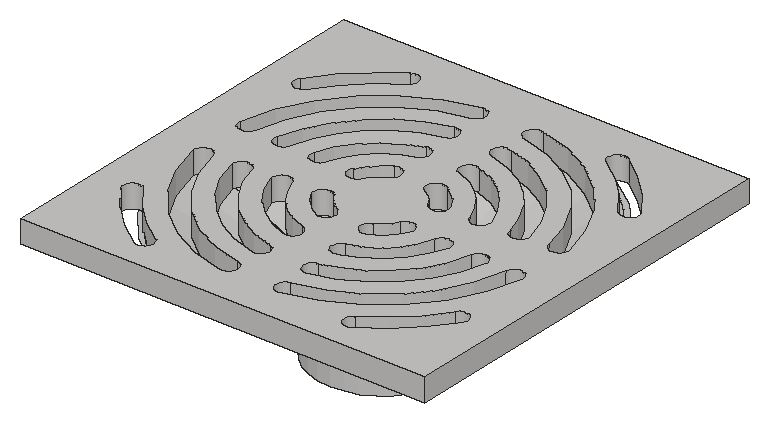
Revit family "PlumbingFixture_Grate_Galvin_G300S-Th", category Plumbing Fixtures, host Face, Revit 2011
Parameters (values of type "302760X - ST/ST 316")
  URL = "www.galvinengineering.com.au"
  Type Comments = "Square"
  StyleOrType_ANZRS = "Grate"
  ModifiedIssue_ANZRS = 20140526.01  # constant formula
  Model = "302760X - ST/ST 316"
  Manufacturer = "Galvin Engineering"
  Keynote = "10800"
  Instructions = "http://www.galvinengineering.com.au/Installation_Guides_1.aspx"
  GrateMaterial = Metal_Drains_Stainless-Steel_15400
  FilterObject_ANZRS = "GS-Th"
  OutletRadius_DoNotEdit = 50 mm
  DimTop = 300 mm  # constant formula
  DimOutlet = if(OutletRadius_DoNotEdit > 0 mm, (OutletRadius_DoNotEdit * 2), (OutletRadius_DoNotEdit * 2))  # 100 mm
  DimHeight = 103 mm
  DimDepth = 40 mm  # constant formula
  Description = "Square Threaded Floor Drain - Grate Assembly"
  Default Elevation = 0 mm
  CreatedBy_ANZRS = "Galvin Engineering"
  CreatedByURL_ANZRS = "www.galvinengineering.com.au"
  CreatedByPhoneNo_ANZRS = "61-8-92495900"
  Circulation_ANZRS = yes
  CHWFlow_ANZRS = 9.1 L/s
  BodyMaterial = Metal_Drains_Stainless-Steel-Threaded_15400
  Assembly Code = "D2040200"
Types (3, lengths in mm): name | Model | OutletRadius_DoNotEdit | DimOutlet | DimHeight
  (no name) | "302760X - ST/ST 316" | 50 | 100 | 103
  302760X - ST/ST 316 | "302760X - ST/ST 316" | 50 | 100 | 103
  302778X - ST/ST 316 | "302778X - ST/ST 316" | 75 | 150 | 84
Reference planes
  plane 1 "Center (Front/Back)": y = 0
  plane 2 "Face": z = 0
  plane 3 "Center (Left/Right)": x = 0
  plane 4 "Bottom": z = -103
  plane 5 "Depth": z = -63
  plane 6 "Left": x = -150
  plane 7 "Right": x = 150
Forms (mm)
  Revolve 1, solid, material "Metal_Drains_Stainless-Steel_15400" <- "GrateMaterial"
    sketch origin (0, 0, 0) x (1, 0, 0) y (0, 0, 1)
      loop
        line (48.5, -62.999) -> (50.002, -62.999) -> (143.334, -16.779) -> (139.954, -16.779) -> (48.5, -62.069) -> (48.5, -62.999)
      axis (0, -16.779) -> (0, -62.999)
    angle from 0 to 360
  Extrusion 2, solid, material "Metal_Drains_Stainless-Steel_15400" <- "GrateMaterial"
    sketch origin (0, 0, 0) x (1, 0, 0) y (0, 1, 0)
      loop
        line (150, 150) -> (-150, 150) -> (-150, -150) -> (150, -150) -> (150, 150)
      loop
        arc (-81.151, 125.165) -> (-106.456, 105.071) -> (-126.931, 80.073) r 151.703
        arc (-126.931, 80.073) -> (-124.938, 70.527) -> (-115.392, 72.52) r 6.896
        arc (-115.392, 72.52) -> (-96.778, 95.245) -> (-73.773, 113.513) r 137.912
        arc (-73.773, 113.513) -> (-71.636, 123.028) -> (-81.151, 125.165) r 6.896
      loop
        arc (-22.388, 119.077) -> (-87.879, 84.646) -> (-122.142, 19.068) r 124.121
        arc (-122.142, 19.068) -> (-116.583, 11.056) -> (-108.571, 16.615) r 6.896
        arc (-108.571, 16.615) -> (-78.114, 74.907) -> (-19.9, 105.512) r 110.33
        arc (-19.9, 105.512) -> (-14.362, 113.538) -> (-22.388, 119.077) r 6.896
      loop
        arc (-21.062, 91.205) -> (-68.35, 65.168) -> (-94.266, 17.813) r 96.538
        arc (-94.266, 17.813) -> (-89.02, 9.593) -> (-80.8, 14.839) r 6.896
        arc (-80.8, 14.839) -> (-58.586, 55.428) -> (-18.053, 77.746) r 82.747
        arc (-18.053, 77.746) -> (-12.828, 85.979) -> (-21.062, 91.205) r 6.896
      loop
        arc (-19.952, 62.998) -> (-48.821, 45.689) -> (-66.057, 16.775) r 68.956
        arc (-66.057, 16.775) -> (-61.43, 8.191) -> (-52.846, 12.818) r 6.896
        arc (-52.846, 12.818) -> (-39.057, 35.949) -> (-15.961, 49.797) r 55.165
        arc (-15.961, 49.797) -> (-11.356, 58.393) -> (-19.952, 62.998) r 6.896
      loop
        arc (-19.561, 33.449) -> (-29.293, 26.21) -> (-36.507, 16.461) r 41.374
        arc (-36.507, 16.461) -> (-33.667, 7.132) -> (-24.338, 9.971) r 6.896
        arc (-24.338, 9.971) -> (-19.528, 16.471) -> (-13.041, 21.296) r 27.582
        arc (-13.041, 21.296) -> (-10.225, 30.633) -> (-19.561, 33.449) r 6.896
      loop
        arc (126.931, 80.073) -> (106.456, 105.071) -> (81.151, 125.165) r 151.703
        arc (81.151, 125.165) -> (71.636, 123.028) -> (73.773, 113.513) r 6.896
        arc (73.773, 113.513) -> (96.778, 95.245) -> (115.392, 72.52) r 137.912
        arc (115.392, 72.52) -> (124.938, 70.527) -> (126.931, 80.073) r 6.896
      loop
        arc (122.085, 19.38) -> (87.655, 84.87) -> (22.076, 119.134) r 124.121
        arc (22.076, 119.134) -> (14.064, 113.574) -> (19.623, 105.562) r 6.896
        arc (19.623, 105.562) -> (77.915, 75.106) -> (108.52, 16.892) r 110.33
        arc (108.52, 16.892) -> (116.546, 11.353) -> (122.085, 19.38) r 6.896
      loop
        arc (94.213, 18.054) -> (68.176, 65.342) -> (20.822, 91.258) r 96.538
        arc (20.822, 91.258) -> (12.601, 86.012) -> (17.847, 77.791) r 6.896
        arc (17.847, 77.791) -> (58.436, 55.577) -> (80.754, 15.045) r 82.747
        arc (80.754, 15.045) -> (88.988, 9.82) -> (94.213, 18.054) r 6.896
      loop
        arc (66.007, 16.943) -> (48.697, 45.813) -> (19.783, 63.049) r 68.956
        arc (19.783, 63.049) -> (11.199, 58.421) -> (15.827, 49.837) r 6.896
        arc (15.827, 49.837) -> (38.958, 36.049) -> (52.805, 12.953) r 55.165
        arc (52.805, 12.953) -> (61.401, 8.347) -> (66.007, 16.943) r 6.896
      loop
        arc (19.469, 33.498) -> (10.14, 30.659) -> (12.979, 21.329) r 6.896
        arc (12.979, 21.329) -> (19.479, 16.52) -> (24.305, 10.033) r 27.582
        arc (24.305, 10.033) -> (33.641, 7.217) -> (36.457, 16.553) r 6.896
        arc (36.457, 16.553) -> (29.219, 26.284) -> (19.469, 33.498) r 41.374
      loop
        arc (-126.931, -86.089) -> (-106.456, -111.087) -> (-81.151, -131.182) r 151.703
        arc (-81.151, -131.182) -> (-71.636, -129.045) -> (-73.773, -119.53) r 6.896
        arc (-73.773, -119.53) -> (-96.778, -101.262) -> (-115.392, -78.536) r 137.912
        arc (-115.392, -78.536) -> (-124.938, -76.543) -> (-126.931, -86.089) r 6.896
      loop
        arc (-122.085, -25.396) -> (-87.655, -90.887) -> (-22.076, -125.15) r 124.121
        arc (-22.076, -125.15) -> (-14.064, -119.591) -> (-19.623, -111.579) r 6.896
        arc (-19.623, -111.579) -> (-77.915, -81.123) -> (-108.52, -22.909) r 110.33
        arc (-108.52, -22.909) -> (-116.546, -17.37) -> (-122.085, -25.396) r 6.896
      loop
        arc (-94.213, -24.07) -> (-68.176, -71.358) -> (-20.822, -97.275) r 96.538
        arc (-20.822, -97.275) -> (-12.601, -92.029) -> (-17.847, -83.808) r 6.896
        arc (-17.847, -83.808) -> (-58.436, -61.594) -> (-80.754, -21.061) r 82.747
        arc (-80.754, -21.061) -> (-88.988, -15.836) -> (-94.213, -24.07) r 6.896
      loop
        arc (-66.007, -22.96) -> (-48.697, -51.83) -> (-19.783, -69.065) r 68.956
        arc (-19.783, -69.065) -> (-11.199, -64.438) -> (-15.827, -55.854) r 6.896
        arc (-15.827, -55.854) -> (-38.958, -42.065) -> (-52.805, -18.97) r 55.165
        arc (-52.805, -18.97) -> (-61.401, -14.364) -> (-66.007, -22.96) r 6.896
      loop
        arc (-36.457, -22.57) -> (-29.219, -32.301) -> (-19.469, -39.515) r 41.374
        arc (-19.469, -39.515) -> (-10.14, -36.675) -> (-12.979, -27.346) r 6.896
        arc (-12.979, -27.346) -> (-19.479, -22.537) -> (-24.305, -16.049) r 27.582
        arc (-24.305, -16.049) -> (-33.641, -13.233) -> (-36.457, -22.57) r 6.896
      loop
        arc (19.561, -39.466) -> (29.293, -32.227) -> (36.507, -22.477) r 41.374
        arc (36.507, -22.477) -> (33.667, -13.148) -> (24.338, -15.988) r 6.896
        arc (24.338, -15.988) -> (19.528, -22.487) -> (13.041, -27.313) r 27.582
        arc (13.041, -27.313) -> (10.225, -36.65) -> (19.561, -39.466) r 6.896
      loop
        arc (19.952, -69.015) -> (48.821, -51.706) -> (66.057, -22.792) r 68.956
        arc (66.057, -22.792) -> (61.43, -14.208) -> (52.846, -18.835) r 6.896
        arc (52.846, -18.835) -> (39.057, -41.966) -> (15.961, -55.814) r 55.165
        arc (15.961, -55.814) -> (11.356, -64.409) -> (19.952, -69.015) r 6.896
      loop
        arc (21.062, -97.221) -> (68.35, -71.184) -> (94.266, -23.83) r 96.538
        arc (94.266, -23.83) -> (89.02, -15.609) -> (80.8, -20.855) r 6.896
        arc (80.8, -20.855) -> (58.586, -61.445) -> (18.053, -83.762) r 82.747
        arc (18.053, -83.762) -> (12.828, -91.996) -> (21.062, -97.221) r 6.896
      loop
        arc (22.388, -125.093) -> (87.879, -90.663) -> (122.142, -25.084) r 124.121
        arc (122.142, -25.084) -> (116.583, -17.072) -> (108.571, -22.631) r 6.896
        arc (108.571, -22.631) -> (78.114, -80.923) -> (19.9, -111.528) r 110.33
        arc (19.9, -111.528) -> (14.362, -119.555) -> (22.388, -125.093) r 6.896
      loop
        arc (81.151, -131.182) -> (106.456, -111.087) -> (126.931, -86.089) r 151.703
        arc (126.931, -86.089) -> (124.938, -76.543) -> (115.392, -78.536) r 6.896
        arc (115.392, -78.536) -> (96.778, -101.262) -> (73.773, -119.53) r 137.912
        arc (73.773, -119.53) -> (71.636, -129.045) -> (81.151, -131.182) r 6.896
    from 0 to -16.779
  Extrusion 3, solid, material "Metal_Drains_Stainless-Steel-Threaded_15400" <- "BodyMaterial"
    sketch origin (0, 0, 0) x (1, 0, 0) y (0, 1, 0)
      loop
        circle (0, 0) r 50
      loop
        circle (0, 0) r 48.5
    from -63 to -103
  Revolve 4, void
    sketch origin (0, 0, 0) x (1, 0, 0) y (0, 0, 1)
      loop
        line (143.334, -16.779) -> (0, -16.779) -> (0, -103) -> (50, -103) -> (50, -63) -> (143.334, -16.779)
      axis (0, -16.779) -> (0, -103)
    angle from 0 to 360
  Extrusion 5, void
    sketch origin (0, 0, 0) x (1, 0, 0) y (0, 1, 0)
      loop
        line (-150, -150) -> (150, -150) -> (150, 150) -> (-150, 150) -> (-150, -150)
    from 0 to -16.779
Lines and regions (mm)
  symbolic lines, style "Waste Outlets", detail levels medium+fine
    curve 1: line (-138.12, 135.836, 0) -> (138.12, 135.836, 0)
    curve 2: line (138.12, 135.836, 0) -> (138.12, -138.068, 0)
    curve 3: line (138.12, -138.068, 0) -> (-138.12, -138.068, 0)
    curve 4: line (-138.12, -138.068, 0) -> (-138.12, 135.836, 0)
    curve 6: circle (-118.793, -122.715, 0) r 5.558 normal (0, 0, 1)
    curve 8: circle (122.491, -122.715, 0) r 5.558 normal (0, 0, 1)
  symbolic lines, style "Waste Outlets"
    curve 5: circle (-118.793, -122.715, 0) r 12.582 normal (0, 0, 1)
    curve 7: circle (122.491, -122.715, 0) r 12.582 normal (0, 0, 1)
Dimensions and locks
  "DimHeight": plane 2 "Face" to plane 4 "Bottom"
  "DimDepth": plane 5 "Depth" to plane 4 "Bottom"
  "DimTop": plane 6 "Left" to plane 7 "Right"
  aligned and locked: plane 2 "Face" to host face
  aligned and locked: level to host face
  aligned and locked: plane 4 "Bottom" to Extrusion 3
  aligned and locked: Extrusion 3 to plane 5 "Depth"
  aligned and locked: plane 4 "Bottom" to Revolve 4 sketch curve
  aligned and locked: Extrusion 3 to plane 4 "Bottom"
Automatic sketch dimensions
  host sketch curve to host sketch curve = 400 mm  (x2)
  Extrusion 3 sketch curve to Extrusion 3 sketch curve = 0 mm  (x2)
  plane 1 "Center (Front/Back)" to Extrusion 3 sketch curve = 0 mm
  Extrusion 3 sketch curve to plane 3 "Center (Left/Right)" = 0 mm
  Revolve 1 sketch curve to plane 3 "Center (Left/Right)" = 0 mm
  plane 3 "Center (Left/Right)" to Revolve 1 sketch curve = 48.5 mm
  Revolve 1 sketch curve to plane 5 "Depth" = 0.001 mm
  Revolve 1 sketch curve to Revolve 1 sketch curve = 1.502 mm
  Revolve 1 sketch curve to Revolve 1 sketch curve = 3.38 mm
  plane 4 "Bottom" to Revolve 1 sketch curve = 6.509 mm
  level to Revolve 1 sketch curve = 22.491 mm
  Revolve 4 sketch curve to plane 3 "Center (Left/Right)" = 0 mm  (x2)
  Revolve 4 sketch curve to plane 5 "Depth" = 0 mm
  plane 3 "Center (Left/Right)" to Revolve 4 sketch curve = 50 mm
  Revolve 4 sketch curve to level = 16.779 mm
  Revolve 4 sketch curve to plane 7 "Right" = 6.666 mm
  plane 4 "Bottom" to Revolve 4 sketch curve = 6.509 mm
  level to Revolve 4 sketch curve = 22.491 mm
  Extrusion 5 sketch curve to plane 6 "Left" = 0 mm
  Extrusion 5 sketch curve to plane 7 "Right" = 0 mm
  plane 1 "Center (Front/Back)" to Extrusion 5 sketch curve = 150 mm
  Extrusion 5 sketch curve to plane 1 "Center (Front/Back)" = 150 mm
  Extrusion 2 sketch curve to plane 6 "Left" = 0 mm
  Extrusion 2 sketch curve to plane 7 "Right" = 0 mm
  plane 1 "Center (Front/Back)" to Extrusion 2 sketch curve = 150 mm
  Extrusion 2 sketch curve to plane 1 "Center (Front/Back)" = 150 mm
  Extrusion 2 sketch curve to Extrusion 2 sketch curve = 0 mm  (x138)
  Extrusion 2 sketch curve to plane 3 "Center (Left/Right)" = 0 mm
  Extrusion 2 sketch curve to plane 6 "Left" = 23.069 mm  (x2)
  Extrusion 2 sketch curve to Extrusion 2 sketch curve = 5.77 mm  (x4)
  Extrusion 2 sketch curve to Extrusion 2 sketch curve = 34.241 mm  (x2)
  Extrusion 2 sketch curve to Extrusion 2 sketch curve = 3.689 mm  (x4)
  plane 1 "Center (Front/Back)" to Extrusion 2 sketch curve = 3.008 mm
  Extrusion 2 sketch curve to plane 1 "Center (Front/Back)" = 72.52 mm  (x2)
  Extrusion 2 sketch curve to plane 6 "Left" = 27.858 mm
  Extrusion 2 sketch curve to Extrusion 2 sketch curve = 6.786 mm  (x2)
  Extrusion 2 sketch curve to plane 3 "Center (Left/Right)" = 22.388 mm
  Extrusion 2 sketch curve to Extrusion 2 sketch curve = 1.244 mm  (x2)
  Extrusion 2 sketch curve to plane 1 "Center (Front/Back)" = 16.615 mm
  Extrusion 2 sketch curve to Extrusion 2 sketch curve = 14.304 mm  (x3)
  Extrusion 2 sketch curve to Extrusion 2 sketch curve = 6.733 mm  (x2)
  Extrusion 2 sketch curve to Extrusion 2 sketch curve = 1.162 mm  (x2)
  Extrusion 2 sketch curve to Extrusion 2 sketch curve = 1.504 mm  (x2)
  Extrusion 2 sketch curve to plane 1 "Center (Front/Back)" = 14.839 mm
  Extrusion 2 sketch curve to Extrusion 2 sketch curve = 14.743 mm  (x3)
  Extrusion 2 sketch curve to Extrusion 2 sketch curve = 6.606 mm  (x2)
  Extrusion 2 sketch curve to Extrusion 2 sketch curve = 1.898 mm  (x2)
  Extrusion 2 sketch curve to Extrusion 2 sketch curve = 1.995 mm  (x2)
  Extrusion 2 sketch curve to plane 1 "Center (Front/Back)" = 12.818 mm
  Extrusion 2 sketch curve to Extrusion 2 sketch curve = 16.339 mm  (x3)
  Extrusion 2 sketch curve to Extrusion 2 sketch curve = 6.084 mm  (x2)
  Extrusion 2 sketch curve to Extrusion 2 sketch curve = 3.6 mm
  Extrusion 2 sketch curve to Extrusion 2 sketch curve = 3.26 mm  (x2)
  Extrusion 2 sketch curve to plane 1 "Center (Front/Back)" = 9.971 mm
  plane 3 "Center (Left/Right)" to Extrusion 2 sketch curve = 73.773 mm
  Extrusion 2 sketch curve to plane 7 "Right" = 34.608 mm  (x2)
  plane 3 "Center (Left/Right)" to Extrusion 2 sketch curve = 19.623 mm
  Extrusion 2 sketch curve to Extrusion 2 sketch curve = 1.226 mm  (x2)
  Extrusion 2 sketch curve to plane 7 "Right" = 41.48 mm
  Extrusion 2 sketch curve to Extrusion 2 sketch curve = 6.783 mm  (x2)
  Extrusion 2 sketch curve to plane 1 "Center (Front/Back)" = 16.892 mm
  plane 3 "Center (Left/Right)" to Extrusion 2 sketch curve = 17.847 mm
  Extrusion 2 sketch curve to Extrusion 2 sketch curve = 1.487 mm  (x2)
  Extrusion 2 sketch curve to Extrusion 2 sketch curve = 27.766 mm
  Extrusion 2 sketch curve to Extrusion 2 sketch curve = 6.729 mm  (x2)
  Extrusion 2 sketch curve to plane 1 "Center (Front/Back)" = 15.045 mm
  plane 3 "Center (Left/Right)" to Extrusion 2 sketch curve = 15.827 mm
  Extrusion 2 sketch curve to Extrusion 2 sketch curve = 1.978 mm  (x2)
  Extrusion 2 sketch curve to plane 1 "Center (Front/Back)" = 12.953 mm
  Extrusion 2 sketch curve to Extrusion 2 sketch curve = 27.949 mm
  Extrusion 2 sketch curve to Extrusion 2 sketch curve = 6.601 mm  (x2)
  plane 3 "Center (Left/Right)" to Extrusion 2 sketch curve = 12.979 mm
  Extrusion 2 sketch curve to Extrusion 2 sketch curve = 3.245 mm  (x2)
  Extrusion 2 sketch curve to plane 1 "Center (Front/Back)" = 10.033 mm
  Extrusion 2 sketch curve to Extrusion 2 sketch curve = 11.325 mm
  Extrusion 2 sketch curve to Extrusion 2 sketch curve = 6.076 mm  (x2)
  Extrusion 2 sketch curve to Extrusion 2 sketch curve = 18.818 mm
  Extrusion 2 sketch curve to plane 6 "Left" = 27.915 mm
  Extrusion 2 sketch curve to plane 3 "Center (Left/Right)" = 22.076 mm
  Extrusion 2 sketch curve to Extrusion 2 sketch curve = 5.62 mm
  Extrusion 2 sketch curve to Extrusion 2 sketch curve = 14.307 mm
  Extrusion 2 sketch curve to Extrusion 2 sketch curve = 1.199 mm
  Extrusion 2 sketch curve to Extrusion 2 sketch curve = 14.747 mm
  Extrusion 2 sketch curve to Extrusion 2 sketch curve = 1.936 mm
  Extrusion 2 sketch curve to Extrusion 2 sketch curve = 16.348 mm
  Extrusion 2 sketch curve to Extrusion 2 sketch curve = 3.642 mm
  plane 3 "Center (Left/Right)" to Extrusion 2 sketch curve = 13.041 mm
  Extrusion 2 sketch curve to Extrusion 2 sketch curve = 11.297 mm
  Extrusion 2 sketch curve to Extrusion 2 sketch curve = 12.12 mm
  plane 3 "Center (Left/Right)" to Extrusion 2 sketch curve = 15.961 mm
  Extrusion 2 sketch curve to Extrusion 2 sketch curve = 29.549 mm
  Extrusion 2 sketch curve to Extrusion 2 sketch curve = 28.206 mm
  Extrusion 2 sketch curve to Extrusion 2 sketch curve = 27.872 mm
  Extrusion 2 sketch curve to Extrusion 2 sketch curve = 51.385 mm
  Extrusion 2 sketch curve to Extrusion 2 sketch curve = 6.088 mm
  curve 4 to plane 6 "Left" = 11.88 mm
  curve 3 to plane 7 "Right" = 11.88 mm
  plane 1 "Center (Front/Back)" to curve 3 = 138.068 mm
  curve 2 to plane 1 "Center (Front/Back)" = 135.836 mm
  Revolve 1 sketch curve to plane 5 "Depth" = 0.931 mm
  Revolve 1 sketch curve to level = 16.779 mm
  Revolve 1 sketch curve to plane 7 "Right" = 10.046 mm
  radius of Extrusion 3 sketch curve = 50 mm
  radius of Extrusion 3 sketch curve = 48.5 mm
Connectors
  piping at (0, 0, -103), driven by "OutletRadius_DoNotEdit"
    settings: on Extrusion 3, index 1, connector radius 1.9685", flow factor 0, pipe flow 0.0 L/s, pressure drop 0.00 psi, fitting loss kfactor 0, connector angle 0.00°, fixture units 0, engagement length 0 mm, flow configuration 0, flow direction 0, fitting loss method 0, system type 28, joint type 0, gender type 0, connector reference index -1, connector utility 0, adjustable connector no, is connector primary yes, fitting loss table "", connector description ""
